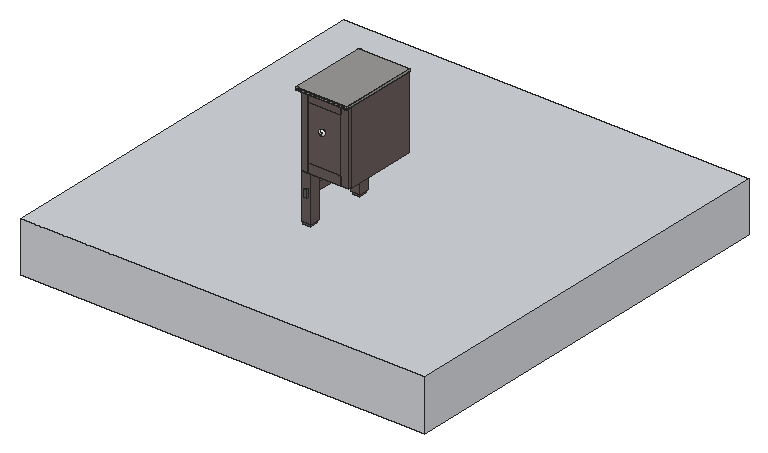
Revit family
Parameters (values of type "Wood-F69-Woodland")
  Width = 1' - 0 1/8"
  URL = "http://www.us.kohler.com/index.jsp"
  Product Page URL = "n/a"
  Product Documentation Link = "n/a"
  Model = "K-2607"  # constant formula
  Marble Material = Marble-Kohler-0-White
  Manufacturer = "Kohler"  # constant formula
  Length = 1' - 6 11/16"
  Height = 2' - 5 3/4"
  Handle Material = Chrome-Kohler-CP-Polished Chrome
  Finish = Wood-Kohler-F69-Woodland
  Description = "Tresham(tm) Pullout Storage Bridge"  # constant formula
  Default Elevation = 0' - 0"
  Created By = "http://www.medialab3dstudio.com/"
  Assembly Code = "C1030220"
Reference planes
  plane 1 "Back": y = 0
  plane 2 "Bottom": z = 0
  plane 3 "Center (Left/Right)": x = 0
  plane 4 "Left": x = -153.987
  plane 5 "Right": x = 153.988
  plane 6 "Front": y = -474.663
  plane 7 "Top": z = 755.65
  plane 8: y = -480.753
Forms (mm)
  Extrusion 1, solid
    sketch origin (0, 0, 0) x (1, 0, 0) y (0, 1, 0)
      loop
        line (-1219.2, 1219.2) -> (-1219.2, -1219.2) -> (1219.2, -1219.2) -> (1219.2, 1219.2) -> (-1219.2, 1219.2)
    from 0 to -304.8
  Sweep 2, solid, material "Marble-Kohler-0-White" <- "Marble Material"
    path origin (0, 0, 0) x (1, 0, 0) y (0, 1, 0)
      loop
        line (-153.987, 0) -> (-153.987, -474.663) -> (153.988, -474.663) -> (153.988, 0) -> (-153.987, 0)
    profile origin (0, 0, 0) x (0, 1, 0) y (0, 0, 1)
      loop
        line (0, 741.181) -> (0, 754.131)
        arc (0, 754.131) -> (-0.445, 755.205) -> (-1.519, 755.65) r 1.519
        line (-1.519, 755.65) -> (-4.5, 755.65) -> (-4.5, 739.657) -> (-1.524, 739.657)
        arc (-1.524, 739.657) -> (-0.446, 740.103) -> (0, 741.181) r 1.524
  Extrusion 3, solid, material "Marble-Kohler-0-White" <- "Marble Material"
    sketch origin (0, 0, 0) x (1, 0, 0) y (0, 1, 0)
      loop
        line (-149.488, -4.5) -> (-149.488, -470.163) -> (149.488, -470.163) -> (149.488, -4.5) -> (-149.488, -4.5)
    from 739.657 to 755.65
  Extrusion 4, solid, material "Wood-Kohler-F69-Woodland" <- "Finish"
    sketch origin (0, 0, 0) x (1, 0, 0) y (0, 0, 1)
      loop
        line (-95.21, 16.202) -> (-95.21, 736.484) -> (-152.328, 736.484) -> (-152.328, 16.202) -> (-95.21, 16.202)
    from 377.575 to 434.714
  Extrusion 5, solid, material "Wood-Kohler-F69-Woodland" <- "Finish"
    sketch origin (0, 0, 0) x (1, 0, 0) y (0, 0, 1)
      loop
        line (-95.21, 16.202) -> (-95.21, 736.484) -> (-152.328, 736.484) -> (-152.328, 16.202) -> (-95.21, 16.202)
    from 6.147 to 63.286
  Extrusion 6, solid, material "Wood-Kohler-F69-Woodland" <- "Finish"
    sketch origin (0, 0, 0) x (0, 1, 0) y (0, 0, 1)
      loop
        line (0, 201.63) -> (-441.064, 201.63) -> (-441.064, 157.183) -> (0, 157.183) -> (0, 201.63)
    from -133.289 to -114.249
  Extrusion 7, solid, material "Wood-Kohler-F69-Woodland" <- "Finish"
    sketch origin (0, 0, 0) x (0, 1, 0) y (0, 0, 1)
      loop
        line (-6.147, 301.692) -> (-6.147, 739.657) -> (-434.714, 739.657) -> (-434.714, 301.692) -> (-6.147, 301.692)
    from -152.328 to -136.468
  Extrusion 8, solid, material "Wood-Kohler-F69-Woodland" <- "Finish"
    sketch origin (0, 0, 0) x (0, 1, 0) y (0, 0, 1)
      loop
        line (-434.714, 304.74) -> (-434.714, 736.475) -> (-453.764, 736.475) -> (-453.764, 304.74) -> (-434.714, 304.74)
    from -136.468 to -99.178
  Extrusion 9, solid, material "Wood-Kohler-F69-Woodland" <- "Finish"
    sketch origin (0, 0, 0) x (0, 1, 0) y (0, 0, 1)
      loop
        line (-434.714, 304.74) -> (-434.714, 736.475) -> (-453.764, 736.475) -> (-453.764, 304.74) -> (-434.714, 304.74)
    from 99.189 to 149.96
  Blend 10, solid, material "Wood-Kohler-F69-Woodland" <- "Finish"
    base sketch origin (0, 0, 0) x (1, 0, 0) y (0, 0, 1)
      loop
        line (-99.178, 736.475) -> (-99.178, 685.705) -> (99.189, 685.705) -> (99.189, 736.475) -> (-99.178, 736.475)
    top sketch origin (0, 0, 0) x (1, 0, 0) y (0, 0, 1)
      loop
        line (-98.164, 736.475) -> (-98.164, 685.705) -> (98.164, 685.705) -> (98.164, 736.475) -> (-98.164, 736.475)
    from 434.714 to 453.764
  Blend 11, solid, material "Wood-Kohler-F69-Woodland" <- "Finish"
    base sketch origin (0, 0, -380.827) x (1, 0, 0) y (0, 0, 1)
      loop
        line (-99.178, 736.475) -> (-99.178, 685.705) -> (99.189, 685.705) -> (99.189, 736.475) -> (-99.178, 736.475)
    top sketch origin (0, 0, -380.827) x (1, 0, 0) y (0, 0, 1)
      loop
        line (-98.164, 736.475) -> (-98.164, 685.705) -> (98.164, 685.705) -> (98.164, 736.475) -> (-98.164, 736.475)
    from 434.714 to 453.764
  Extrusion 12, solid, material "Wood-Kohler-F69-Woodland" <- "Finish"
    sketch origin (-364.828, -298.246, 0) x (-1, 0, 0) y (0, 0, 1)
      loop
        line (-228.36, 301.692) -> (-228.36, 739.657) -> (-501.3, 739.657) -> (-501.3, 301.692) -> (-228.36, 301.692)
    from -152.328 to -136.468
  Extrusion 13, solid, material "Wood-Kohler-F69-Woodland" <- "Finish"
    sketch origin (0, 0, 0) x (0, 1, 0) y (0, 0, 1)
      loop
        line (-6.147, 301.692) -> (-6.147, 739.657) -> (-434.714, 739.657) -> (-434.714, 301.692) -> (-6.147, 301.692)
    from 136.472 to 152.467
  Extrusion 14, solid, material "Wood-Kohler-F69-Woodland" <- "Finish"
    sketch origin (0, 0, 0) x (1, 0, 0) y (0, 0, 1)
      loop
        line (-145.99, 16.202) -> (-145.99, 0) -> (-101.557, 0) -> (-101.557, 16.202) -> (-145.99, 16.202)
    from 383.925 to 428.368
  Extrusion 15, solid, material "Wood-Kohler-F69-Woodland" <- "Finish"
    sketch origin (0, 0, 0) x (1, 0, 0) y (0, 0, 1)
      loop
        line (-145.99, 16.202) -> (-145.99, 0) -> (-101.557, 0) -> (-101.557, 16.202) -> (-145.99, 16.202)
    from 12.493 to 56.945
  Extrusion 16, solid, material "Wood-Kohler-F69-Woodland" <- "Finish"
    sketch origin (-364.825, 133.554, 0) x (-1, 0, 0) y (0, 0, 1)
      loop
        line (-228.36, 301.692) -> (-228.36, 739.657) -> (-501.3, 739.657) -> (-501.3, 301.692) -> (-228.36, 301.692)
    from -146.047 to -133.554
  Extrusion 17, solid, material "Wood-Kohler-F69-Woodland" <- "Finish"
    sketch origin (0, 0, 0) x (1, 0, 0) y (0, 0, 1)
      loop
        line (-136.468, 304.74) -> (-136.468, 301.692) -> (136.476, 301.692) -> (136.476, 304.74) -> (-136.468, 304.74)
    from 12.493 to 434.714
  Revolve 18, solid, material "Chrome-Kohler-CP-Polished Chrome" <- "Handle Material"
    sketch origin (0, 0, 0) x (0, 1, 0) y (0, 0, 1)
      loop
        arc (-453.764, 566.02) -> (-456.651, 566.786) -> (-458.914, 568.735) r 6.673
        arc (-458.914, 568.735) -> (-459.219, 569.023) -> (-459.607, 569.185) r 1.17
        line (-459.607, 569.185) -> (-460.617, 569.185)
        arc (-460.617, 569.185) -> (-461.155, 569.408) -> (-461.378, 569.945) r 0.76
        line (-461.378, 569.945) -> (-461.378, 571.483)
        arc (-461.378, 571.483) -> (-463.231, 575.957) -> (-467.705, 577.81) r 6.327
        line (-467.705, 577.81) -> (-468.714, 577.81)
        arc (-468.714, 577.81) -> (-473.224, 575.942) -> (-475.092, 571.432) r 6.378
        line (-475.092, 571.432) -> (-475.092, 561.879) -> (-453.764, 561.879) -> (-453.764, 566.02)
      axis (-453.764, 561.879) -> (-475.092, 561.879)
    angle from 0 to 360
Cuts and joins
  joined: Extrusion 4, Extrusion 5, Extrusion 6, Extrusion 7, Extrusion 8, Extrusion 9, Blend 10, Blend 11, Extrusion 12, Extrusion 13, Extrusion 14, Extrusion 15, Extrusion 16, Extrusion 17
  joined: Sweep 2, Extrusion 3
Lines and regions (mm)
  Masking region 1
    outline origin (0, 0, 0) x (1, 0, 0) y (0, 1, 0)
      loop
        line (-153.987, 0) -> (-153.987, -474.663) -> (153.988, -474.663) -> (153.988, 0) -> (-153.987, 0)
  Masking region 2, detail levels medium+fine
    outline origin (0, 0, 0) x (1, 0, 0) y (0, 1, 0)
      loop
        line (-152.46, -1.527) -> (-152.46, -473.01) -> (152.467, -473.01) -> (152.467, -1.527) -> (-152.46, -1.527)
  Masking region 3, detail levels coarse
    outline origin (0, 0, 0) x (1, 0, 0) y (0, 0, 1)
      loop
        line (-153.988, 755.65) -> (-153.988, 0) -> (153.987, 0) -> (153.987, 755.65) -> (-153.988, 755.65)
  Masking region 4, detail levels medium+fine
    outline origin (0, 0, 0) x (1, 0, 0) y (0, 0, 1)
      loop
        line (-95.21, 301.692) -> (152.335, 301.692) -> (152.335, 739.637)
        arc (152.335, 739.637) -> (153.496, 740.049) -> (153.987, 741.179) r 1.545
        line (153.987, 741.179) -> (153.987, 754.129)
        arc (153.987, 754.129) -> (153.542, 755.205) -> (152.467, 755.65) r 1.521
        line (152.467, 755.65) -> (-152.469, 755.65)
        arc (-152.469, 755.65) -> (-153.543, 755.205) -> (-153.988, 754.132) r 1.518
        line (-153.988, 754.132) -> (-153.988, 741.179)
        arc (-153.988, 741.179) -> (-153.399, 740.154) -> (-152.328, 739.655) r 1.953
        line (-152.328, 739.655) -> (-152.328, 16.202) -> (-145.99, 16.202) -> (-145.99, 0) -> (-101.557, 0) -> (-101.557, 16.202) -> (-95.21, 16.202) -> (-95.21, 301.692)
  Masking region 5, detail levels coarse
    outline origin (0, 0, 0) x (0, 1, 0) y (0, 0, 1)
      loop
        line (0, 755.65) -> (-474.663, 755.65) -> (-474.663, 0) -> (0, 0) -> (0, 755.65)
  Masking region 6, detail levels medium+fine
    outline origin (0, 0, 0) x (0, 1, 0) y (0, 0, 1)
      loop
        line (-63.286, 157.183) -> (-63.286, 15.976) -> (-56.945, 15.976) -> (-56.945, 0) -> (-12.493, 0) -> (-12.493, 15.976) -> (-6.147, 15.976) -> (-6.147, 157.183) -> (0, 157.183) -> (0, 201.63) -> (-6.147, 201.63) -> (-6.147, 333.304) -> (0, 333.304) -> (0, 739.657) -> (-1.524, 739.657)
        arc (-1.524, 739.657) -> (-0.446, 740.103) -> (0, 741.181) r 1.524
        line (0, 741.181) -> (0, 754.131)
        arc (0, 754.131) -> (-0.445, 755.205) -> (-1.519, 755.65) r 1.519
        line (-1.519, 755.65) -> (-473.138, 755.65)
        arc (-473.138, 755.65) -> (-474.216, 755.204) -> (-474.663, 754.126) r 1.524
        line (-474.663, 754.126) -> (-474.663, 741.176)
        arc (-474.663, 741.176) -> (-474.27, 740.154) -> (-473.294, 739.657) r 1.528
        line (-473.294, 739.657) -> (-434.714, 739.657) -> (-434.714, 736.475) -> (-453.764, 736.475) -> (-453.764, 566.02)
        arc (-453.764, 566.02) -> (-456.626, 566.834) -> (-458.914, 568.735) r 7.203
        arc (-458.914, 568.735) -> (-459.183, 569.078) -> (-459.607, 569.183) r 0.67
        line (-459.607, 569.183) -> (-460.618, 569.183)
        arc (-460.618, 569.183) -> (-461.157, 569.406) -> (-461.38, 569.945) r 0.762
        arc (-461.38, 569.945) -> (-462.726, 575.398) -> (-467.717, 577.974) r 6.792
        line (-467.717, 577.974) -> (-468.755, 577.974)
        arc (-468.755, 577.974) -> (-473.746, 575.398) -> (-475.092, 569.945) r 6.792
        line (-475.092, 569.945) -> (-475.092, 553.802)
        arc (-475.092, 553.802) -> (-473.746, 548.349) -> (-468.755, 545.773) r 6.792
        line (-468.755, 545.773) -> (-467.717, 545.773)
        arc (-467.717, 545.773) -> (-462.726, 548.349) -> (-461.38, 553.802) r 6.792
        arc (-461.38, 553.802) -> (-461.157, 554.34) -> (-460.618, 554.564) r 0.762
        line (-460.618, 554.564) -> (-459.607, 554.564)
        arc (-459.607, 554.564) -> (-459.183, 554.668) -> (-458.914, 555.012) r 0.67
        arc (-458.914, 555.012) -> (-456.626, 556.913) -> (-453.764, 557.727) r 7.203
        line (-453.764, 557.727) -> (-453.764, 304.74) -> (-434.714, 304.74) -> (-434.714, 201.63) -> (-441.064, 201.63) -> (-441.064, 157.183) -> (-434.714, 157.183) -> (-434.714, 15.976) -> (-428.368, 15.976) -> (-428.368, 0) -> (-383.925, 0) -> (-383.925, 15.976) -> (-377.575, 15.976) -> (-377.575, 157.183) -> (-63.286, 157.183)
      loop
        line (-63.286, 201.63) -> (-63.286, 301.562) -> (-377.575, 301.562) -> (-377.575, 201.63) -> (-63.286, 201.63)
  symbolic lines, style "Masking Lines", detail levels fine
    curve 1: line (-153.987, 0, 0) -> (-152.46, -1.527, 0)
    curve 2: line (152.467, -1.527, 0) -> (153.988, -0.007, 0)
    curve 3: line (152.467, -473.01, 0) -> (153.988, -474.663, 0)
    curve 4: line (-152.46, -473.01, 0) -> (-153.987, -474.663, 0)
    curve 5: line (-114.249, 0, 201.785) -> (-133.289, 0, 201.785)
    curve 6: line (-114.249, 0, 201.785) -> (-114.249, 0, 157.357)
    curve 7: line (-114.249, 0, 157.357) -> (-133.289, 0, 157.357)
    curve 8: line (-133.289, 0, 157.357) -> (-133.289, 0, 201.785)
    curve 9: line (-152.328, 0, 301.692) -> (-95.21, 0, 301.692)
    curve 10: line (-136.468, 0, 304.867) -> (-136.468, 0, 301.692)
    curve 11: line (-99.178, 0, 304.867) -> (-149.958, 0, 304.867)
    curve 12: line (-149.958, 0, 736.484) -> (-149.958, 0, 304.867)
    curve 13: line (-99.178, 0, 736.484) -> (-99.178, 0, 304.867)
    curve 14: line (-98.164, 0, 355.647) -> (-98.164, 0, 304.867)
    curve 15: line (99.189, 0, 304.867) -> (-99.178, 0, 304.867)
    curve 16: line (98.164, 0, 355.647) -> (98.164, 0, 304.867)
    curve 17: line (99.189, 0, 736.484) -> (99.189, 0, 304.867)
    curve 18: line (149.96, 0, 304.867) -> (99.189, 0, 304.867)
    curve 19: line (136.472, 0, 304.867) -> (136.472, 0, 301.692)
    curve 20: line (149.96, 0, 736.484) -> (149.96, 0, 304.867)
    curve 21: line (99.189, 0, 355.647) -> (-99.178, 0, 355.647)
    curve 22: line (99.189, 0, 685.705) -> (-99.178, 0, 685.705)
    curve 23: line (-98.164, 0, 736.484) -> (-98.164, 0, 685.705)
    curve 24: line (98.164, 0, 736.484) -> (98.164, 0, 685.705)
    curve 25: line (99.189, 0, 736.484) -> (149.96, 0, 736.484)
    curve 26: line (136.472, 0, 739.655) -> (136.472, 0, 736.484)
    curve 27: line (99.189, 0, 736.484) -> (-99.178, 0, 736.484)
    curve 28: line (-149.958, 0, 736.484) -> (-99.178, 0, 736.484)
    curve 29: line (-136.468, 0, 739.655) -> (-136.468, 0, 736.484)
    curve 30: line (153.987, 0, 741.179) -> (-153.988, 0, 741.179)
    curve 31: line (153.987, 0, 754.132) -> (-153.988, 0, 754.132)
    curve 32: line (-152.328, 0, 739.655) -> (152.335, 0, 739.655)
    curve 33: circle (-0.08, 0, 561.956) r 16.789 normal (0, -1, 0)
    curve 34: circle (-0.08, 0, 561.956) r 9.592 normal (0, -1, 0)
    curve 35: line (0, -6.147, 15.976) -> (0, -63.286, 15.976)
    curve 36: line (0, -377.575, 15.976) -> (0, -434.714, 15.976)
    curve 37: line (0, -377.575, 301.562) -> (0, -377.575, 15.976)
    curve 38: line (0, -434.714, 301.562) -> (0, -434.714, 15.976)
    curve 39: line (0, -63.286, 301.562) -> (0, -63.286, 15.976)
    curve 40: line (0, -6.147, 301.562) -> (0, -6.147, 15.976)
    curve 41: line (0, -6.147, 301.562) -> (0, -434.714, 301.562)
    curve 42: line (0, -434.714, 301.562) -> (0, -434.714, 739.657)
    curve 43: line (0, -6.013, 739.657) -> (0, -6.013, 301.562)
    curve 44: line (0, -453.764, 304.74) -> (0, -453.764, 736.475)
    curve 45: line (0, -458.914, 555.014) -> (0, -458.914, 568.735)
    curve 46: line (0, -459.607, 569.183) -> (0, -459.607, 554.575)
    curve 47: line (0, -460.618, 554.575) -> (0, -460.618, 569.183)
    curve 48: line (0, -461.38, 569.594) -> (0, -461.38, 554.164)
    curve 49: line (0, -467.726, 577.829) -> (0, -467.726, 545.93)
    curve 50: line (0, -468.751, 545.93) -> (0, -468.751, 577.829)
    curve 51: line (0, -6.013, 739.657) -> (0, -434.714, 739.657)
    curve 52: line (0, 0, 741.176) -> (0, -474.663, 741.176)
    curve 53: line (0, 0, 754.131) -> (0, -474.663, 754.131)
    curve 54: line (0, 0.333, 739.657) -> (0, -6.013, 739.657)
Dimensions and locks
  equal spacing: plane 4 "Left", plane 3 "Center (Left/Right)", plane 5 "Right"
  "Width": plane 4 "Left" to plane 5 "Right"
  "Length": plane 1 "Back" to plane 6 "Front"
  "Height": plane 7 "Top" to plane 2 "Bottom"
  aligned and locked: plane 2 "Bottom" to Extrusion 1
  aligned and locked: level to Extrusion 1
  aligned and locked: Sweep 2 to Extrusion 3  (x2)
Automatic sketch dimensions
  Extrusion 1 sketch curve to Extrusion 1 sketch curve = 8' - 0"  (x2)
  Sweep 2 sketch curve to plane 4 "Left" = 0' - 0"
  Sweep 2 sketch curve to plane 5 "Right" = 0' - 0"
  Sweep 2 sketch curve to plane 6 "Front" = 0' - 0"
  plane 1 "Back" to Sweep 2 sketch curve = 0' - 0"
  Sweep 2 sketch curve to profile plane = 0' - 0"
  profile plane to Sweep 2 sketch curve = 0' - 0.05982"
  profile plane to Sweep 2 sketch curve = 0' - 0.06"
  Sweep 2 sketch curve to Sweep 2 sketch curve = 0' - 0.11734"
  level to Sweep 2 sketch curve = 2' - 5.12034"
  Sweep 2 sketch curve to Sweep 2 sketch curve = 0' - 0.50984"
  plane 4 "Left" to Extrusion 3 sketch curve = 0' - 0.17716"
  plane 5 "Right" to Extrusion 3 sketch curve = 0' - 0.17716"
  plane 6 "Front" to Extrusion 3 sketch curve = 0' - 0.17716"
  plane 1 "Back" to Extrusion 3 sketch curve = 0' - 0.17716"
  plane 4 "Left" to Extrusion 4 sketch curve = 0' - 0.06534"
  Extrusion 4 sketch curve to plane 7 "Top" = 0' - 0.75455"
  Extrusion 4 sketch curve to Extrusion 4 sketch curve = 0' - 2.24872"
  level to Extrusion 4 sketch curve = 0' - 0.63786"
  plane 4 "Left" to Extrusion 5 sketch curve = 0' - 0.06534"
  Extrusion 5 sketch curve to plane 7 "Top" = 0' - 0.75455"
  Extrusion 5 sketch curve to Extrusion 5 sketch curve = 0' - 2.24872"
  level to Extrusion 5 sketch curve = 0' - 0.63786"
  Extrusion 6 sketch curve to plane 1 "Back" = 0' - 0"
  plane 6 "Front" to Extrusion 6 sketch curve = 0' - 1.32278"
  level to Extrusion 6 sketch curve = 0' - 6.1883"
  Extrusion 6 sketch curve to Extrusion 6 sketch curve = 0' - 1.74989"
  plane 6 "Front" to Extrusion 7 sketch curve = 0' - 1.57279"
  plane 1 "Back" to Extrusion 7 sketch curve = 0' - 0.24201"
  level to Extrusion 7 sketch curve = 0' - 11.87763"
  Extrusion 7 sketch curve to plane 7 "Top" = 0' - 0.62966"
  plane 6 "Front" to Extrusion 8 sketch curve = 0' - 0.82276"
  Extrusion 8 sketch curve to Extrusion 8 sketch curve = 0' - 0.75003"
  level to Extrusion 8 sketch curve = 0' - 11.99763"
  Extrusion 8 sketch curve to plane 7 "Top" = 0' - 0.75494"
  plane 6 "Front" to Extrusion 9 sketch curve = 0' - 0.82276"
  Extrusion 9 sketch curve to Extrusion 9 sketch curve = 0' - 0.75003"
  level to Extrusion 9 sketch curve = 0' - 11.99763"
  Extrusion 9 sketch curve to plane 7 "Top" = 0' - 0.75494"
  plane 4 "Left" to Blend 10 sketch curve = 0' - 2.15786"
  plane 5 "Right" to Blend 10 sketch curve = 0' - 2.15741"
  Blend 10 sketch curve to plane 7 "Top" = 0' - 2.75376"  (x2)
  Blend 10 sketch curve to plane 7 "Top" = 0' - 0.75494"  (x2)
  plane 4 "Left" to Blend 10 sketch curve = 0' - 2.19778"
  plane 5 "Right" to Blend 10 sketch curve = 0' - 2.19778"
  plane 4 "Left" to Blend 11 sketch curve = 0' - 2.15786"
  plane 5 "Right" to Blend 11 sketch curve = 0' - 2.15741"
  level to Blend 11 sketch curve = 1' - 0.00304"  (x2)
  Blend 11 sketch curve to Blend 11 sketch curve = 0' - 1.99882"  (x2)
  plane 4 "Left" to Blend 11 sketch curve = 0' - 2.19778"
  plane 5 "Right" to Blend 11 sketch curve = 0' - 2.19778"
  plane 5 "Right" to Extrusion 12 sketch curve = 0' - 0.68958"
  plane 4 "Left" to Extrusion 12 sketch curve = 0' - 0.68976"
  level to Extrusion 12 sketch curve = 0' - 11.87763"
  Extrusion 12 sketch curve to plane 7 "Top" = 0' - 0.62966"
  plane 6 "Front" to Extrusion 13 sketch curve = 0' - 1.57279"
  plane 1 "Back" to Extrusion 13 sketch curve = 0' - 0.24201"
  level to Extrusion 13 sketch curve = 0' - 11.87763"
  Extrusion 13 sketch curve to plane 7 "Top" = 0' - 0.62966"
  Extrusion 14 sketch curve to level = 0' - 0"
  plane 4 "Left" to Extrusion 14 sketch curve = 0' - 0.31485"
  Extrusion 14 sketch curve to Extrusion 14 sketch curve = 0' - 1.74933"
  Extrusion 14 sketch curve to Extrusion 14 sketch curve = 0' - 0.63786"
  Extrusion 15 sketch curve to level = 0' - 0"
  plane 4 "Left" to Extrusion 15 sketch curve = 0' - 0.31485"
  Extrusion 15 sketch curve to Extrusion 15 sketch curve = 0' - 1.74933"
  Extrusion 15 sketch curve to Extrusion 15 sketch curve = 0' - 0.63786"
  plane 5 "Right" to Extrusion 16 sketch curve = 0' - 0.68944"
  Extrusion 16 sketch curve to plane 7 "Top" = 0' - 0.62966"
  plane 4 "Left" to Extrusion 16 sketch curve = 0' - 0.6899"
  level to Extrusion 16 sketch curve = 0' - 11.87763"
  plane 4 "Left" to Extrusion 17 sketch curve = 0' - 0.68976"
  plane 5 "Right" to Extrusion 17 sketch curve = 0' - 0.68944"
  level to Extrusion 17 sketch curve = 0' - 11.87763"
  Extrusion 17 sketch curve to Extrusion 17 sketch curve = 0' - 0.12"
  Revolve 18 sketch curve to plane 6 "Front" = 0' - 0.01691"
  Revolve 18 sketch curve to Revolve 18 sketch curve = 0' - 0"  (x4)
  plane 6 "Front" to Revolve 18 sketch curve = 0' - 0.23419"
  Revolve 18 sketch curve to Revolve 18 sketch curve = 0' - 0.03974"
  Revolve 18 sketch curve to Revolve 18 sketch curve = 0' - 0.2491"
  Revolve 18 sketch curve to Revolve 18 sketch curve = 0' - 0.02993"
  Revolve 18 sketch curve to Revolve 18 sketch curve = 0' - 0.02996"
  Revolve 18 sketch curve to Revolve 18 sketch curve = 0' - 0.0398"
  Revolve 18 sketch curve to Revolve 18 sketch curve = 0' - 0.02727"
  Revolve 18 sketch curve to Revolve 18 sketch curve = 0' - 0.20274"
  Revolve 18 sketch curve to Revolve 18 sketch curve = 0' - 0.0089"
  Revolve 18 sketch curve to plane 7 "Top" = 0' - 7.62877"
  Revolve 18 sketch curve to Revolve 18 sketch curve = 0' - 0.16301"
  Revolve 18 sketch curve to Revolve 18 sketch curve = 0' - 0.07962"
  Revolve 18 sketch curve to Revolve 18 sketch curve = 0' - 0.37611"
  Masking region 1 sketch curve to plane 4 "Left" = 0' - 0"
  Masking region 1 sketch curve to plane 5 "Right" = 0' - 0"
  Masking region 1 sketch curve to plane 6 "Front" = 0' - 0"
  plane 1 "Back" to Masking region 1 sketch curve = 0' - 0"
  plane 4 "Left" to Masking region 2 sketch curve = 0' - 0.06013"
  plane 5 "Right" to Masking region 2 sketch curve = 0' - 0.05986"
  plane 6 "Front" to Masking region 2 sketch curve = 0' - 0.06506"
  plane 1 "Back" to Masking region 2 sketch curve = 0' - 0.06013"
  curve 4 to plane 4 "Left" = 0' - 0"
  plane 1 "Back" to curve 1 = 0' - 0"
  curve 1 to plane 4 "Left" = 0' - 0"
  curve 3 to plane 5 "Right" = 0' - 0"
  curve 2 to plane 5 "Right" = 0' - 0"
  curve 3 to plane 6 "Front" = 0' - 0"
  curve 4 to plane 6 "Front" = 0' - 0"
  plane 4 "Left" to curve 4 = 0' - 0.06013"
  plane 4 "Left" to curve 1 = 0' - 0.06013"
  plane 5 "Right" to curve 3 = 0' - 0.05986"
  plane 5 "Right" to curve 2 = 0' - 0.05986"
  plane 6 "Front" to curve 4 = 0' - 0.06506"
  plane 6 "Front" to curve 3 = 0' - 0.06506"
  plane 1 "Back" to curve 2 = 0' - 0.06013"
  plane 1 "Back" to curve 1 = 0' - 0.06013"
  plane 1 "Back" to curve 2 = 0' - 0.00027"
  Masking region 3 sketch curve to level = 0' - 0"
  Masking region 3 sketch curve to plane 4 "Left" = 0' - 0"
  plane 5 "Right" to Masking region 3 sketch curve = 0' - 0"
  Masking region 3 sketch curve to plane 7 "Top" = 0' - 0"
  Masking region 4 sketch curve to plane 4 "Left" = 0' - 0"
  Masking region 4 sketch curve to plane 7 "Top" = 0' - 0"
  Masking region 4 sketch curve to level = 0' - 0"
  plane 5 "Right" to Masking region 4 sketch curve = 0' - 0"
  plane 4 "Left" to Masking region 4 sketch curve = 0' - 0.05978"
  plane 4 "Left" to Masking region 4 sketch curve = 0' - 0.06534"
  plane 4 "Left" to Masking region 4 sketch curve = 0' - 0.07514"
  Masking region 4 sketch curve to Masking region 4 sketch curve = 0' - 0.24951"
  Masking region 4 sketch curve to Masking region 4 sketch curve = 0' - 1.74933"
  Masking region 4 sketch curve to Masking region 4 sketch curve = 0' - 0.24988"
  plane 5 "Right" to Masking region 4 sketch curve = 0' - 0.06507"
  Masking region 4 sketch curve to Masking region 4 sketch curve = 0' - 0.00424"
  Masking region 4 sketch curve to Masking region 4 sketch curve = 0' - 0.05987"
  level to Masking region 4 sketch curve = 0' - 0.63786"  (x2)
  Masking region 4 sketch curve to Masking region 4 sketch curve = 0' - 11.23977"
  Masking region 4 sketch curve to Masking region 4 sketch curve = 0' - 0.57055"
  Masking region 4 sketch curve to Masking region 4 sketch curve = 0' - 0.56993"
  Masking region 4 sketch curve to Masking region 4 sketch curve = 0' - 0.05996"
  curve 33 to curve 34 = 0' - 0"  (x2)
  curve 30 to plane 4 "Left" = 0' - 0"
  curve 31 to plane 4 "Left" = 0' - 0"
  plane 5 "Right" to curve 30 = 0' - 0"
  plane 5 "Right" to curve 31 = 0' - 0"
  plane 4 "Left" to curve 9 = 0' - 0.06534"
  plane 4 "Left" to curve 32 = 0' - 0.06534"
  curve 32 to curve 12 = 0' - 0.09332"
  curve 12 to curve 29 = 0' - 0.5311"
  curve 11 to curve 10 = 0' - 0.5311"
  plane 4 "Left" to curve 5 = 0' - 0.81488"
  curve 5 to curve 6 = 0' - 0.74963"
  curve 10 to curve 15 = 0' - 1.4681"
  curve 21 to curve 14 = 0' - 0.03991"
  curve 13 to curve 23 = 0' - 0.03991"
  curve 14 to curve 9 = 0' - 0.11628"
  curve 34 to plane 3 "Center (Left/Right)" = 0' - 0.00314"
  curve 24 to plane 7 "Top" = 0' - 0.75455"
  plane 5 "Right" to curve 24 = 0' - 2.19778"
  plane 5 "Right" to curve 16 = 0' - 2.19778"
  curve 16 to curve 15 = 0' - 0.04037"
  plane 5 "Right" to curve 19 = 0' - 0.68958"
  plane 5 "Right" to curve 26 = 0' - 0.68958"
  plane 5 "Right" to curve 20 = 0' - 0.15857"
  plane 5 "Right" to curve 32 = 0' - 0.06507"
  curve 22 to curve 17 = 0' - 1.99921"
  curve 17 to curve 21 = 0' - 1.99921"
  curve 19 to curve 19 = 0' - 0.12503"
  curve 10 to curve 10 = 0' - 0.12503"
  curve 5 to curve 9 = 0' - 3.93334"
  curve 8 to curve 5 = 0' - 1.74915"
  curve 26 to curve 26 = 0' - 0.12485"
  curve 32 to curve 30 = 0' - 0.05996"
  curve 31 to plane 7 "Top" = 0' - 0.05978"
  curve 34 to curve 23 = 0' - 4.87198"
  curve 21 to curve 33 = 0' - 8.1224"
  Masking region 5 sketch curve to plane 6 "Front" = 0' - 0"
  Masking region 5 sketch curve to level = 0' - 0"
  Masking region 5 sketch curve to plane 1 "Back" = 0' - 0"
  Masking region 5 sketch curve to plane 7 "Top" = 0' - 0"
  Masking region 6 sketch curve to plane 6 "Front" = 0' - 0"
  Masking region 6 sketch curve to plane 7 "Top" = 0' - 0"
  Masking region 6 sketch curve to level = 0' - 0"  (x2)
  Masking region 6 sketch curve to plane 1 "Back" = 0' - 0"  (x3)
  Masking region 6 sketch curve to plane 6 "Front" = 0' - 0.01691"
  plane 6 "Front" to Masking region 6 sketch curve = 0' - 0.05386"
  plane 6 "Front" to Masking region 6 sketch curve = 0' - 0.06"
  plane 6 "Front" to Masking region 6 sketch curve = 0' - 0.06015"
  plane 6 "Front" to Masking region 6 sketch curve = 0' - 0.23258"  (x2)
  plane 6 "Front" to Masking region 6 sketch curve = 0' - 0.24596"  (x2)
  Masking region 6 sketch curve to Masking region 6 sketch curve = 0' - 0.01409"  (x2)
  Masking region 6 sketch curve to Masking region 6 sketch curve = 0' - 0.04087"  (x2)
  Masking region 6 sketch curve to Masking region 6 sketch curve = 0' - 0.26287"  (x2)
  Masking region 6 sketch curve to Masking region 6 sketch curve = 0' - 0.03"  (x2)
  Masking region 6 sketch curve to Masking region 6 sketch curve = 0' - 0.03982"  (x2)
  Masking region 6 sketch curve to Masking region 6 sketch curve = 0' - 0.00234"  (x2)
  Masking region 6 sketch curve to Masking region 6 sketch curve = 0' - 0.02494"  (x2)
  Masking region 6 sketch curve to Masking region 6 sketch curve = 0' - 0.20274"  (x2)
  Masking region 6 sketch curve to Masking region 6 sketch curve = 0' - 0.22236"  (x2)
  plane 6 "Front" to Masking region 6 sketch curve = 0' - 1.32278"
  Masking region 6 sketch curve to Masking region 6 sketch curve = 0' - 0 1/4"  (x2)
  Masking region 6 sketch curve to Masking region 6 sketch curve = 0' - 0.75003"  (x2)
  Masking region 6 sketch curve to Masking region 6 sketch curve = 0' - 0.24983"
  level to Masking region 6 sketch curve = 0' - 0.62898"  (x4)
  Masking region 6 sketch curve to Masking region 6 sketch curve = 0' - 1.74971"
  Masking region 6 sketch curve to Masking region 6 sketch curve = 0' - 2.24955"
  plane 1 "Back" to Masking region 6 sketch curve = 0' - 2.49156"
  Masking region 6 sketch curve to Masking region 6 sketch curve = 0' - 0"  (x5)
  Masking region 6 sketch curve to Masking region 6 sketch curve = 0' - 0.24965"
  plane 1 "Back" to Masking region 6 sketch curve = 0' - 0.49184"
  plane 1 "Back" to Masking region 6 sketch curve = 0' - 0.24201"  (x2)
  plane 1 "Back" to Masking region 6 sketch curve = 0' - 0.06"
  plane 1 "Back" to Masking region 6 sketch curve = 0' - 0.05982"
  Masking region 6 sketch curve to Masking region 6 sketch curve = 0' - 5.55932"
  Masking region 6 sketch curve to Masking region 6 sketch curve = 0' - 1.74989"  (x3)
  Masking region 6 sketch curve to Masking region 6 sketch curve = 0' - 3.93434"
  Masking region 6 sketch curve to Masking region 6 sketch curve = 0' - 0.1251"
  Masking region 6 sketch curve to Masking region 6 sketch curve = 0' - 1.24969"
  Masking region 6 sketch curve to Masking region 6 sketch curve = 0' - 8.20286"
  Masking region 6 sketch curve to Masking region 6 sketch curve = 0' - 0.18774"
  Masking region 6 sketch curve to Masking region 6 sketch curve = 0' - 0.26707"
  Masking region 6 sketch curve to Masking region 6 sketch curve = 0' - 0.01764"
  Masking region 6 sketch curve to Masking region 6 sketch curve = 0' - 0.32647"
  Masking region 6 sketch curve to Masking region 6 sketch curve = 0' - 0.09826"
  Masking region 6 sketch curve to Masking region 6 sketch curve = 0' - 0.00866"
  Masking region 6 sketch curve to Masking region 6 sketch curve = 0' - 0.04901"
  Masking region 6 sketch curve to plane 7 "Top" = 0' - 0.75494"
  Masking region 6 sketch curve to Masking region 6 sketch curve = 0' - 0.56966"
  Masking region 6 sketch curve to Masking region 6 sketch curve = 0' - 0.56984"
  level to curve 36 = 0' - 0.62898"
  plane 6 "Front" to curve 36 = 0' - 1.57279"
  curve 36 to curve 36 = 0' - 2.24955"
  level to curve 35 = 0' - 0.62898"
  plane 1 "Back" to curve 35 = 0' - 2.49156"
  plane 1 "Back" to curve 35 = 0' - 0.24201"
  curve 39 to curve 39 = 0' - 11.24356"
  curve 42 to plane 7 "Top" = 0' - 0.62966"
  curve 44 to curve 38 = 0' - 0.75003"
  plane 6 "Front" to curve 45 = 0' - 0.62003"
  curve 46 to curve 45 = 0' - 0.02727"
  curve 47 to curve 46 = 0' - 0.03982"
  curve 48 to curve 47 = 0' - 0.03"
  plane 6 "Front" to curve 49 = 0' - 0.2731"
  curve 50 to curve 49 = 0' - 0.04037"
  plane 1 "Back" to curve 51 = 0' - 0.23674"
  curve 40 to curve 43 = 0' - 0"
  curve 38 to curve 44 = 0' - 0.1251"
  curve 50 to curve 42 = 0' - 7.62704"
  curve 50 to curve 49 = 0' - 0"  (x2)
  curve 49 to curve 48 = 0' - 0.3242"
  curve 48 to curve 46 = 0' - 0.01618"
  curve 48 to curve 47 = 0' - 0.01618"
  curve 46 to curve 45 = 0' - 0.01727"
  curve 45 to curve 45 = 0' - 0.5402"
  curve 45 to curve 47 = 0' - 0.01764"
  curve 45 to curve 46 = 0' - 0.01764"
  curve 47 to curve 48 = 0' - 0.01618"
  curve 48 to curve 49 = 0' - 0.3242"
  curve 44 to plane 7 "Top" = 0' - 0.75494"
  curve 53 to plane 6 "Front" = 0' - 0"
  curve 52 to plane 6 "Front" = 0' - 0"
  curve 53 to plane 1 "Back" = 0' - 0"
  curve 52 to plane 1 "Back" = 0' - 0"
  curve 54 to plane 1 "Back" = 0' - 0.01309"
  curve 52 to plane 7 "Top" = 0' - 0.56984"
  curve 53 to plane 7 "Top" = 0' - 0.05982"
  radius of curve 34 = 0' - 0.37764"
  radius of curve 33 = 0' - 0.66098"
